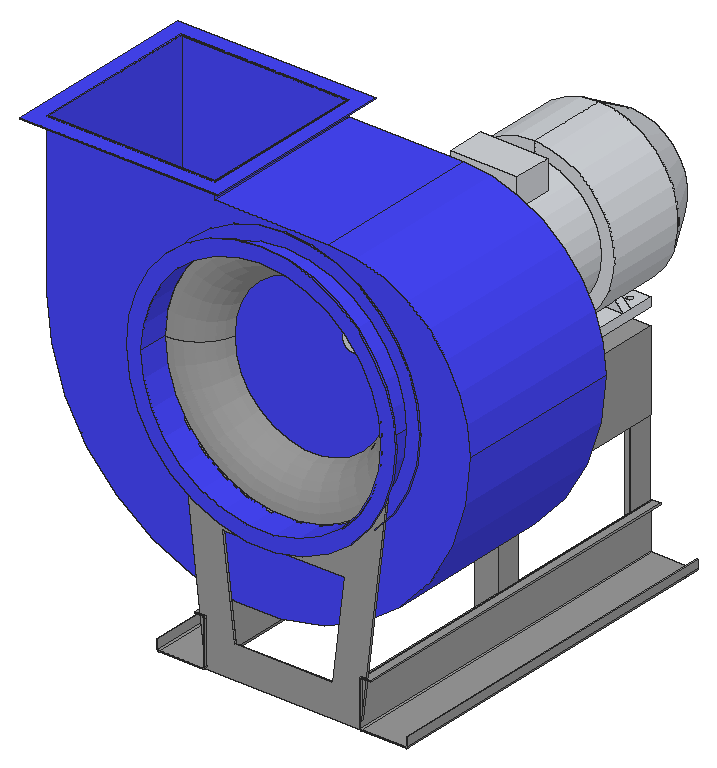
Revit family "ПОСТ-РС", category Оборудование, Revit 2020
Family settings
  Размер круглого соединителя = Использовать диаметр
  Тип детали = Нормальный
  Номер OmniClass = 23.75.00.00
  Заголовок OmniClass = Climate Control (HVAC)
  На основе рабочей плоскости = Нет
  Всегда вертикально = Да
  При загрузке вырезать с полостями = Нет
  Общий = Нет
  Точка расчета площади = Нет
Parameters (values of type "ПОСТ-РС-4,5-*-*-*")
  № изолятора [instance] = size_lookup(Data, "DO_No", 38, D)  # 39
  Отметка по умолчанию = 0 mm
  Виброизоляторы [instance] = no
  УХЛ2 [instance] = Климатическое исполнение : УХЛ2
  УХЛ1 [instance] = Климатическое исполнение : УХЛ1
  У2 [instance] = Климатическое исполнение : У2
  У1 [instance] = Климатическое исполнение : У1
  Полюсов [instance] = size_lookup(Data, "Poles", 0, D, №)  # 2
  Описание = "Радиальный вентилятор низкого давления со спиральным корпусом"  # constant formula
  Материал конфузора = Алюминий, анодированный красный
  Л/П [instance] = if(Правый, 90.00°, 270.00°)  # 90.00°
  Полная мощность [instance] = ADSK_Номинальная мощность / ADSK_Коэффициент мощности  # 12941.2 VA
  Положение_корпуса [instance] = 0.00°
  Правый [instance] = yes
  № [instance] = 10
  Материал рамы = Сталь, окрашенная, синяя
  Материал корпуса = Краска корпуса
  Л [instance] = not(Правый)  # no
  Климатическое исполнение [instance] = Климатическое исполнение : У1
  Классификация нагрузок = Вентиляционное оборудование
  КИ [instance] = if(Климатическое исполнение = У1, 1, if(Климатическое исполнение = УХЛ1, 10, if(Климатическое исполнение = УХЛ2, 20, 2)))  # 1
  Исполнение Б [instance] = not([Исполнения А,В])  # no
  Исполнения А,В [instance] = yes
  Изготовитель = "Аэрдин тел.: +7 (495) 968-24-04 e-mail: info@aerdyn.ru"  # constant formula
  a1_4' = a1 / 4 + 2 mm  # 80.75 mm
  a1_4 = a1 / 4  # 78.75 mm
  Wfr = if(D < 400 mm, 50 mm, if(D < 710 mm, 60 mm, 100 mm))  # 60 mm
  Wf = A1 - a1  # 30 mm
  Oz = 0 mm  # constant formula
  si_2 [instance] = if(D < 450 mm, 60 mm, if(D < 700 mm, 90 mm, if(D > 1000 mm, 150 mm, 120 mm))) / 2  # 45 mm
  d = size_lookup(Data_S, "d", 7 mm, D)  # 7 mm
  a1_2 = a1 / 2  # 157.5 mm
  Зонт = no
  Side [instance] = if(Правый, 0, 1)  # 0
  Re = 0.5 * size_lookup(Data_S, "De", 305 mm, D)  # 252.5 mm
  R1 = 0.5 * size_lookup(Data_S, "D1", 270 mm, D)  # 245 mm
  R = D / 2  # 225 mm
  O1 = R - if(D < 500 mm, 20 mm, if(D < 700 mm, 30 mm, if(D < 900 mm, 40 mm, if(D < 1100 mm, 50 mm, 150 mm))))  # 205 mm
  N = 8
  Motor№ [instance] = size_lookup(Data, "DriveNo", 56, D, №)  # 132
  l [instance] = size_lookup(Data_S, "l", 142 mm, D)  # 215 mm
  Lin [instance] = 142 mm
  L [instance] = size_lookup(Data_S, "Lmax", 455 mm, D, if([Исполнения А,В], 0, 1))  # 679 mm
  Kiz [instance] = size_lookup(Data, "DO_Kol", 4, D)  # 4
  Iz№5-6 [instance] = and(Виброизоляторы, Kiz > 4)  # no
  Htot [instance] = h + hi  # 530 mm
  hi [instance] = if(Виброизоляторы, size_lookup(Data_I, "H", 77 mm, № изолятора), 0 mm)  # 0 mm
  h = size_lookup(Data_S, "h", 305 mm, D)  # 530 mm
  Dx = D + 2 * Wfr  # 570 mm
  Data_I = "DO"  # constant formula
  Data_S = "ПОСТ-РС_s"  # constant formula
  Data_D = "Electric_Drive_Dims"  # constant formula
  Data [instance] = if([Исполнения А,В], "ПОСТ-РС-А", "ПОСТ-РС-Б")  # "ПОСТ-РС-А"
  D = 450 mm
  a2 [instance] = size_lookup(Data_S, "a2", 173 mm, D, if([Исполнения А,В], 0, 1))  # 315 mm
  Rotation [instance] = if(Правый, 1, -1) * if(or(Положение_корпуса = 0.00°, Положение_корпуса = 45.00°, Положение_корпуса = 90.00°, Положение_корпуса = 135.00°, Положение_корпуса = 270.00°, Положение_корпуса = 315.00°), Положение_корпуса, 0.00°)  # 0.00°
  C2 = size_lookup(Data_S, "C1", 315 mm, D)  # 380 mm
  C1 = size_lookup(Data_S, "C1", 260 mm, D)  # 380 mm
  C = size_lookup(Data_S, "C", 86 mm, D)  # 190 mm
  ADSK_Частота вращения двигателя [instance] = size_lookup(Data, "Freq", 0, D, №)  # 3000
  ADSK_Частота вращения вентилятора [instance] = size_lookup(Data, "Freq", 0, D, №)  # 3000
  ADSK_Ток [instance] = ADSK_Номинальная мощность / (ADSK_Коэффициент мощности * ADSK_Напряжение * sqrt(ADSK_Количество фаз числовое))  # 19.6621 A
  ADSK_Свободный напор воздуха [instance] = 0.0 Pa
  ADSK_Расход воздуха [instance] = 0 m³/h
  ADSK_Примечание [instance] = ""
  ADSK_Полная мощность [instance] = ADSK_Номинальная мощность / ADSK_Коэффициент мощности  # 12941.2 VA
  ADSK_Позиция [instance] = ""
  ADSK_Номинальная мощность [instance] = size_lookup(Data, "Pel", 0, D, №) * 1000 W  # 11000 W
  ADSK_Напряжение [instance] = size_lookup(Data, "U", 380, D, №) * 1 V  # 380 V
  ADSK_Наименование краткое [instance] = size_lookup(Data_S, "", "Некорректный типоразмер", D)  # "ПОСТ-РС-4.5"
  ADSK_Наименование [instance] = size_lookup(Data, "", "Некорректный типоразмер", D, №, if(Правый, 0, 1), Положение_корпуса, КИ, 0)  # "ПОСТ-РС-4.5-А-2/11"
  ADSK_Масса [instance] = size_lookup(Data, "Weight", 0, D, №)  # 146
  ADSK_Марка [instance] = size_lookup(Data, "", "Некорректный типоразмер", D, №, if(Правый, 0, 1), Положение_корпуса, КИ, 0)  # "ПОСТ-РС-4.5-А-2/11"
  ADSK_Коэффициент мощности [instance] = if(or(ADSK_Номинальная мощность < 1000 W, ADSK_Номинальная мощность = 1000 W), 0.65, if(and(ADSK_Номинальная мощность > 1000 W, ADSK_Номинальная мощность < 4000 W), 0.75, if(or(ADSK_Номинальная мощность > 4000 W, ADSK_Номинальная мощность = 4000 W), 0.85, 0)))  # 0.85
  ADSK_Количество фаз числовое [instance] = if(ADSK_Напряжение = 220 V, 1, 3)  # 3
  ADSK_Количество фаз = 3
  ADSK_Код изделия = ""
  ADSK_Завод-изготовитель = "Аэрдин"  # constant formula
  ADSK_Единица измерения = "шт."  # constant formula
  A1 = size_lookup(Data_S, "A1", 173 mm, D)  # 345 mm
  A/2 = a1 / 2  # 157.5 mm
  a1 = size_lookup(Data_S, "a1", 173 mm, D)  # 315 mm
Types (16, lengths in mm): name | № изолятора | Виброизоляторы | Полюсов | Полная мощность | № | Исполнение Б | Исполнения А,В | a1_4' | a1_4 | Wfr | Wf | si_2 | d | a1_2 | Re | R1 | R | O1 | Motor№ | l | L | Kiz | Iz№5-6 | Htot | hi | h | Dx | Data | D | a2 | C2 | C1 | C | ADSK_Частота вращения двигателя | ADSK_Частота вращения вентилятора | ADSK_Ток | ADSK_Полная мощность | ADSK_Номинальная мощность | ADSK_Наименование краткое | ADSK_Наименование | ADSK_Масса | ADSK_Марка | ADSK_Коэффициент мощности | A1 | A/2 | a1
  (no name) | 39 | no | 2 | 12941.2 VA | 10 | no | yes | 80.75 | 78.75 | 60 | 30 | 45 | 7 | 157.5 | 252.5 | 245 | 225 | 205 | 132 | 215 | 679 | 4 | no | 530 | 0 | 530 | 570 | "ПОСТ-РС-А" | 450 | 315 | 380 | 380 | 190 | 3000 | 3000 | 19.6621 A | 12941.2 VA | 11000 W | "ПОСТ-РС-4.5" | "ПОСТ-РС-4.5-А-2/11" | 146 | "ПОСТ-РС-4.5-А-2/11" | 0.85 | 345 | 157.5 | 315
  ПОСТ-РС-2,5-*-*-* | 38 | yes | 2 | 846.154 VA | 10 | no | yes | 45.75 | 43.75 | 50 | 15 | 30 | 7 | 87.5 | 155 | 140 | 125 | 105 | 56 | 142 | 455 | 4 | no | 382 | 77 | 305 | 350 | "ПОСТ-РС-А" | 250 | 175 | 260 | 260 | 86 | 3000 | 3000 | 1.2856 A | 846.154 VA | 550 W | "ПОСТ-РС-2.5" | "Некорректный типоразмер" | 26.7 | "Некорректный типоразмер" | 0.65 | 190 | 87.5 | 175
  ПОСТ-РС-2,8-*-*-* | 38 | yes | 2 | 1466.67 VA | 10 | no | yes | 50.75 | 48.75 | 50 | 17 | 30 | 7 | 97.5 | 170 | 155 | 140 | 120 | 71 | 154 | 525 | 4 | no | 437 | 77 | 360 | 380 | "ПОСТ-РС-А" | 280 | 195 | 260 | 260 | 96 | 3000 | 3000 | 2.22837 A | 1466.67 VA | 1100 W | "ПОСТ-РС-2.8" | "ПОСТ-РС-2.8-А-2/1.1" | 37 | "ПОСТ-РС-2.8-А-2/1.1" | 0.75 | 212 | 97.5 | 195
  ПОСТ-РС-3,15-*-*-* | 38 | yes | 2 | 2933.33 VA | 6 | yes | no | 55.75 | 53.75 | 50 | 15 | 30 | 7 | 107.5 | 187.5 | 172.5 | 157.5 | 137.5 | 80 | 167 | 657 | 4 | no | 457 | 77 | 380 | 415 | "ПОСТ-РС-Б" | 315 | 315 | 260 | 260 | 148 | 3000 | 3000 | 4.45674 A | 2933.33 VA | 2200 W | "ПОСТ-РС-3.15" | "ПОСТ-РС-3.15-Б-2/2.2" | 38 | "ПОСТ-РС-3.15-Б-2/2.2" | 0.75 | 230 | 107.5 | 215
  ПОСТ-РС-3,55-*-*-* | 38 | yes | 2 | 4705.88 VA | 10 | no | yes | 64.25 | 62.25 | 50 | 15 | 30 | 7 | 124.5 | 205 | 192.5 | 177.5 | 157.5 | 100 | 180 | 665 | 4 | no | 507 | 77 | 430 | 455 | "ПОСТ-РС-А" | 355 | 249 | 340 | 340 | 155 | 3000 | 3000 | 7.14985 A | 4705.88 VA | 4000 W | "ПОСТ-РС-3.55" | "ПОСТ-РС-3.55-В-2/4" | 65 | "ПОСТ-РС-3.55-В-2/4" | 0.85 | 264 | 124.5 | 249
  ПОСТ-РС-4,0-*-*-* | 38 | yes | 2 | 6470.59 VA | 10 | no | yes | 72 | 70 | 60 | 30 | 30 | 7 | 140 | 227.5 | 220 | 200 | 180 | 100 | 195 | 700 | 4 | no | 547 | 77 | 470 | 520 | "ПОСТ-РС-А" | 400 | 280 | 350 | 350 | 165 | 3000 | 3000 | 9.83104 A | 6470.59 VA | 5500 W | "ПОСТ-РС-4" | "ПОСТ-РС-4-В-2/5.5" | 91 | "ПОСТ-РС-4-В-2/5.5" | 0.85 | 310 | 140 | 280
  ПОСТ-РС-4,5-*-*-* | 39 | no | 2 | 12941.2 VA | 10 | no | yes | 80.75 | 78.75 | 60 | 30 | 45 | 7 | 157.5 | 252.5 | 245 | 225 | 205 | 132 | 215 | 679 | 4 | no | 530 | 0 | 530 | 570 | "ПОСТ-РС-А" | 450 | 315 | 380 | 380 | 190 | 3000 | 3000 | 19.6621 A | 12941.2 VA | 11000 W | "ПОСТ-РС-4.5" | "ПОСТ-РС-4.5-А-2/11" | 146 | "ПОСТ-РС-4.5-А-2/11" | 0.85 | 345 | 157.5 | 315
  ПОСТ-РС-5,0-*-*-* | 39 | yes | 4 | 2933.33 VA | 10 | no | yes | 89 | 87 | 60 | 32 | 45 | 7 | 174 | 277.5 | 270 | 250 | 220 | 90 | 230 | 800 | 4 | no | 672.5 | 97.5 | 575 | 620 | "ПОСТ-РС-А" | 500 | 348 | 410 | 410 | 211 | 1500 | 1500 | 4.45674 A | 2933.33 VA | 2200 W | "ПОСТ-РС-5" | "ПОСТ-РС-5-В-4/2.2" | 116 | "ПОСТ-РС-5-В-4/2.2" | 0.75 | 380 | 174 | 348
  ПОСТ-РС-5,6-*-*-* | 40 | yes | 4 | 4705.88 VA | 10 | no | yes | 99.5 | 97.5 | 60 | 40 | 45 | 7 | 195 | 307.5 | 300 | 280 | 250 | 100 | 255 | 805 | 4 | no | 763 | 123 | 640 | 680 | "ПОСТ-РС-А" | 560 | 390 | 460 | 460 | 230 | 1500 | 1500 | 7.14985 A | 4705.88 VA | 4000 W | "ПОСТ-РС-5.6" | "ПОСТ-РС-5.6-В-4/4" | 148 | "ПОСТ-РС-5.6-В-4/4" | 0.85 | 430 | 195 | 390
  ПОСТ-РС-6,3-*-*-* | 40 | yes | 4 | 8823.53 VA | 10 | no | yes | 112 | 110 | 60 | 40 | 45 | 7 | 220 | 342.5 | 335 | 315 | 285 | 132 | 295 | 920 | 4 | no | 843 | 123 | 720 | 750 | "ПОСТ-РС-А" | 630 | 440 | 520 | 520 | 247 | 1500 | 1500 | 13.406 A | 8823.53 VA | 7500 W | "ПОСТ-РС-6.3" | "ПОСТ-РС-6.3-В-4/7.5" | 32 | "ПОСТ-РС-6.3-В-4/7.5" | 0.85 | 480 | 220 | 440
  ПОСТ-РС-7,1-*-*-* | 41 | yes | 6 | 4705.88 VA | 10 | no | yes | 125.75 | 123.75 | 100 | 35 | 60 | 7 | 247.5 | 382.5 | 375 | 355 | 315 | 112 | 329 | 1155 | 4 | no | 944 | 139 | 805 | 910 | "ПОСТ-РС-А" | 710 | 495 | 590 | 590 | 280 | 1000 | 1000 | 7.14985 A | 4705.88 VA | 4000 W | "ПОСТ-РС-7.1" | "ПОСТ-РС-7.1-В-6/4" | 259 | "ПОСТ-РС-7.1-В-6/4" | 0.85 | 530 | 247.5 | 495
  ПОСТ-РС-8,0-*-*-* | 42 | yes | 6 | 8823.53 VA | 10 | no | yes | 142 | 140 | 100 | 40 | 60 | 10 | 280 | 427.5 | 420 | 400 | 360 | 132 | 370 | 1318 | 4 | no | 1085 | 180 | 905 | 1000 | "ПОСТ-РС-А" | 800 | 560 | 660 | 660 | 316 | 1000 | 1000 | 13.406 A | 8823.53 VA | 7500 W | "ПОСТ-РС-8" | "ПОСТ-РС-8-А-6/7.5" | 382 | "ПОСТ-РС-8-А-6/7.5" | 0.85 | 600 | 280 | 560
  ПОСТ-РС-9,0-*-*-* | 42 | yes | 6 | 12941.2 VA | 10 | no | yes | 159.5 | 157.5 | 100 | 40 | 60 | 10 | 315 | 485 | 475 | 450 | 400 | 160 | 400 | 1415 | 4 | no | 1195 | 180 | 1015 | 1100 | "ПОСТ-РС-А" | 900 | 630 | 720 | 720 | 340 | 1000 | 1000 | 19.6621 A | 12941.2 VA | 11000 W | "ПОСТ-РС-9" | "ПОСТ-РС-9-В-6/11" | 532 | "ПОСТ-РС-9-В-6/11" | 0.85 | 670 | 315 | 630
  ПОСТ-РС-10,0-*-*-* | 42 | yes | 6 | 21764.7 VA | 10 | no | yes | 177 | 175 | 100 | 50 | 60 | 12 | 350 | 535 | 525 | 500 | 450 | 180 | 430 | 1505 | 4 | no | 1310 | 180 | 1130 | 1200 | "ПОСТ-РС-А" | 1000 | 700 | 840 | 840 | 360 | 1000 | 1000 | 33.068 A | 21764.7 VA | 18500 W | "ПОСТ-РС-10" | "ПОСТ-РС-10-В-6/18.5" | 654 | "ПОСТ-РС-10-В-6/18.5" | 0.85 | 750 | 350 | 700
  ПОСТ-РС-11,2-*-*-* | 42 | yes | 6 | 43529.4 VA | 10 | no | yes | 198 | 196 | 100 | 46 | 75 | 12 | 392 | 595 | 585 | 560 | 410 | 225 | 520 | 1735 | 6 | yes | 1415 | 180 | 1235 | 1320 | "ПОСТ-РС-А" | 1120 | 784 | 1164 | 1164 | 420 | 1000 | 1000 | 66.1361 A | 43529.4 VA | 37000 W | "ПОСТ-РС-11.2" | "ПОСТ-РС-11.2-В-6/37" | 1019 | "ПОСТ-РС-11.2-В-6/37" | 0.85 | 830 | 392 | 784
  ПОСТ-РС-12,5-*-*-* | 42 | yes | 6 | 52941.2 VA | 10 | no | yes | 221 | 219 | 100 | 54 | 75 | 12 | 438 | 660 | 650 | 625 | 475 | 250 | 545 | 1930 | 6 | yes | 1560 | 180 | 1380 | 1450 | "ПОСТ-РС-А" | 1250 | 876 | 1260 | 1260 | 467 | 1000 | 1000 | 80.4358 A | 52941.2 VA | 45000 W | "ПОСТ-РС-12.5" | "ПОСТ-РС-12.5-В-6/45" | 1357 | "ПОСТ-РС-12.5-В-6/45" | 0.85 | 930 | 438 | 876
Reference planes
  plane 1 "По центру (Вперед/Назад)": y = 0
  plane 2: z = 0
  plane 3 "По центру (Влево/Вправо)": x = 0
  plane 4 "h": z = 530
  plane 5 "L": y = 464
  plane 6 "L1": y = -215
  plane 7 "a2_front": y = -157.5
  plane 8 "hi": z = 0
  plane 9 "Опора_Л": x = -190
  plane 10 "Опора_П": x = 190
  plane 11 "a2_rear": y = 157.5
  plane 12: z = 755
  plane 13: z = 530
  plane 14: z = 782.5
  plane 15: z = 417.5
  plane 16: z = 305
  plane 17: z = 530
Forms (mm)
  Extrusion 1, solid
    sketch origin (0, 0, 0) x (1, 0, 0) y (0, 0, 1)
      loop
        circle (0, 530) r 19
    from -167 to 0
  Sweep 2, solid, material "Сталь, окрашенная, синяя" <- "Материал рамы"
    path origin (0, 0, 0) x (-1, 0, 0) y (0, -1, 0)
      loop
        line (145, 165) -> (145, -514)
    profile "Рама : Рама" origin (-145, 174.5, 0) x (-1, 0, 0) y (0, 0, 1)
      loop
        line (90, 4) -> (90, 20) -> (88, 20) -> (88, 4)
        arc (88, 4) -> (87.414, 2.586) -> (86, 2) r 2
        line (86, 2) -> (4, 2)
        arc (4, 2) -> (2.586, 2.586) -> (2, 4) r 2
        line (2, 4) -> (2, 86)
        arc (2, 86) -> (2.586, 87.414) -> (4, 88) r 2
        line (4, 88) -> (20, 88) -> (20, 90) -> (4, 90)
        arc (4, 90) -> (1.172, 88.828) -> (0, 86) r 4
        line (0, 86) -> (0, 4)
        arc (0, 4) -> (1.172, 1.172) -> (4, 0) r 4
        line (4, 0) -> (86, 0)
        arc (86, 0) -> (88.828, 1.172) -> (90, 4) r 4
  Sweep 3, solid, material "Сталь, окрашенная, синяя" <- "Материал рамы"
    path origin (0, 0, 0) x (-1, 0, 0) y (0, -1, 0)
      loop
        line (-145, 165) -> (-145, -514)
    profile "Рама : Рама" origin (145, 174.5, 0) x (-1, 0, 0) y (0, 0, 1)
      loop
        arc (-90, 4) -> (-88.828, 1.172) -> (-86, 0) r 4
        line (-86, 0) -> (-4, 0)
        arc (-4, 0) -> (-1.172, 1.172) -> (0, 4) r 4
        line (0, 4) -> (0, 86)
        arc (0, 86) -> (-1.172, 88.828) -> (-4, 90) r 4
        line (-4, 90) -> (-20, 90) -> (-20, 88) -> (-4, 88)
        arc (-4, 88) -> (-2.586, 87.414) -> (-2, 86) r 2
        line (-2, 86) -> (-2, 4)
        arc (-2, 4) -> (-2.586, 2.586) -> (-4, 2) r 2
        line (-4, 2) -> (-86, 2)
        arc (-86, 2) -> (-87.414, 2.586) -> (-88, 4) r 2
        line (-88, 4) -> (-88, 20) -> (-90, 20) -> (-90, 4)
  Sweep 4, solid, material "Сталь, окрашенная, синяя" <- "Материал рамы"
    path origin (0, 157.5, 0) x (-1, 0, 0) y (0, 0, 1)
      loop
        line (0, 0) -> (0, 735)
    profile origin (0, 157.5, 367.5) x (-1, 0, 0) y (0, -1, 0)
      loop
        line (145, -47) -> (145, -2) -> (100, -2) -> (100, -4) -> (143, -4) -> (143, -47) -> (145, -47)
      loop
        line (-145, -47) -> (-143, -47) -> (-143, -4) -> (-100, -4) -> (-100, -2) -> (-145, -2) -> (-145, -47)
  Sweep 5, solid, material "Сталь, окрашенная, синяя" <- "Материал рамы"
    path origin (0, 157.5, 0) x (-1, 0, 0) y (0, 0, 1)
      loop
        line (0, 0) -> (0, 380)
    profile origin (0, 157.5, 190) x (-1, 0, 0) y (0, -1, 0)
      loop
        line (145, -356.5) -> (145, -311.5) -> (143, -311.5) -> (143, -354.5) -> (100, -354.5) -> (100, -356.5) -> (145, -356.5)
      loop
        line (-145, -356.5) -> (-100, -356.5) -> (-100, -354.5) -> (-143, -354.5) -> (-143, -311.5) -> (-145, -311.5) -> (-145, -356.5)
  Extrusion 6, solid, material "Сталь, окрашенная, синяя" <- "Материал рамы"
    sketch origin (0, 157.5, 0) x (-1, 0, 0) y (0, 0, -1)
      loop
        line (145, -380) -> (-145, -380) -> (-145, -232) -> (-147, -232) -> (-147, -382) -> (147, -382) -> (147, -232) -> (145, -232) -> (145, -380)
    from 0 to -356.5
  Sweep 7, solid, material "Сталь, окрашенная, синяя" <- "Материал рамы", visible <- "Iz№5-6"
    path origin (0, 0, 0) x (-1, 0, 0) y (0, -1, 0)
      loop
        line (-143, -512) -> (143, -512)
    profile "Рама : Рама" origin (0, 512, 0) x (0, -1, 0) y (0, 0, 1)
      loop
        line (90, 4) -> (90, 20) -> (88, 20) -> (88, 4)
        arc (88, 4) -> (87.414, 2.586) -> (86, 2) r 2
        line (86, 2) -> (4, 2)
        arc (4, 2) -> (2.586, 2.586) -> (2, 4) r 2
        line (2, 4) -> (2, 86)
        arc (2, 86) -> (2.586, 87.414) -> (4, 88) r 2
        line (4, 88) -> (20, 88) -> (20, 90) -> (4, 90)
        arc (4, 90) -> (1.172, 88.828) -> (0, 86) r 4
        line (0, 86) -> (0, 4)
        arc (0, 4) -> (1.172, 1.172) -> (4, 0) r 4
        line (4, 0) -> (86, 0)
        arc (86, 0) -> (88.828, 1.172) -> (90, 4) r 4
  Extrusion 8, solid, material "Сталь, окрашенная, синяя" <- "Материал рамы"
    sketch origin (143, 512, 0) x (0, 0, 1) y (-1, 0, 0)
      loop
        line (380, 243) -> (190, 243) -> (232, 176.333) -> (232, 109.667) -> (190, 43) -> (380, 43) -> (380, 243)
    from 0 to -2
  Sweep 9, solid, material "Краска корпуса" <- "Материал корпуса"
    path origin (0, 0, 0) x (1, 0, 0) y (0, 1, 0)
      loop
        line (0, -157.5) -> (0, 157.5)
    profile "СТУД-РСН Корпус (профиль) : СТУД-РСН Корпус (профиль)" origin (0, 0, 0) x (-1, 0, 0) y (0, 0, 1)
      loop
        line (448, 820) -> (133, 820) -> (133, 790) -> (-81.5, 790)
        arc (-81.5, 790) -> (-269.237, 712.237) -> (-347, 524.5) r 265.5
        arc (-347, 524.5) -> (50.5, 127) -> (448, 524.5) r 397.5
        line (448, 524.5) -> (448, 820)
  Sweep 10, void
    path origin (0, 0, 0) x (1, 0, 0) y (0, 1, 0)
      loop
        line (0, -155.5) -> (0, 155.5)
    profile "СТУД-РСН Полость : СТУД-РСН Полость" origin (0, 0, 0) x (-1, 0, 0) y (0, 0, 1)
      loop
        line (446, 820) -> (135, 820) -> (135, 786) -> (-83.5, 786)
        arc (-83.5, 786) -> (-268.408, 709.408) -> (-345, 524.5) r 261.5
        arc (-345, 524.5) -> (50.5, 129) -> (446, 524.5) r 395.5
        line (446, 524.5) -> (446, 820)
  Extrusion 11, void
    sketch origin (0, -157.5, 0) x (-1, 0, 0) y (0, 0, 1)
      loop
        circle (0, 530) r 225
    from 0 to 2
  Sweep 12, solid, material "Алюминий, анодированный красный" <- "Материал конфузора"
    path in 3D
      loop
        arc (-225, -157.5, 530) -> (0, -157.5, 305) -> (225, -157.5, 530) r 225
        arc (225, -157.5, 530) -> (0, -157.5, 755) -> (-225, -157.5, 530) r 225
    profile origin (0, -157.5, 755) x (0, 0, -1) y (0, -1, 0)
      loop
        arc (0, 0) -> (49.409, -17.429) -> (76.948, -62) r 78.75
        line (76.948, -62) -> (78.994, -62)
        arc (78.994, -62) -> (50.833, -16.008) -> (0, 2) r 80.75
        line (0, 2) -> (0, 0)
  Sweep 13, solid, material "Краска корпуса" <- "Материал корпуса"
    path in 3D
      loop
        arc (-225, -157.5, 530) -> (0, -157.5, 305) -> (225, -157.5, 530) r 225
        arc (225, -157.5, 530) -> (0, -157.5, 755) -> (-225, -157.5, 530) r 225
    profile origin (0, -157.5, 755) x (0, 0, -1) y (0, -1, 0)
      loop
        line (0, 0) -> (0, 57.5) -> (-27.5, 57.5) -> (-27.5, 55.5) -> (-2, 55.5) -> (-2, 2) -> (-27.5, 2) -> (-27.5, 0) -> (0, 0)
  Extrusion 14, solid, material "Сталь, окрашенная, синяя" <- "Материал рамы"
    sketch origin (0, -157.5, 0) x (-1, 0, 0) y (0, 0, 1)
      loop
        arc (194.856, 417.5) -> (0, 305) -> (-194.856, 417.5) r 225
        line (-194.856, 417.5) -> (-145, 0) -> (145, 0) -> (194.856, 417.5)
      loop
        line (-91.739, 60) -> (91.739, 60) -> (113.83, 245) -> (-113.83, 245) -> (-91.739, 60)
    from -2 to -5
  Sweep 15, solid, material "Краска корпуса" <- "Материал корпуса"
    path origin (-133, -157.5, 820) x (0, 1, 0) y (-1, 0, 0)
      loop
        line (2, 2) -> (313, 2) -> (313, 313) -> (2, 313) -> (2, 2)
    profile "Фланец : Фланец" origin (-290.5, -155.5, 820) x (0, -1, 0) y (0, 0, 1)
      loop
        line (0, 0) -> (0, -2) -> (30, -2) -> (30, 0) -> (0, 0)
Cuts and joins
  joined: Sweep 5, Extrusion 8
  Sweep 10 cuts Sweep 2
  Sweep 10 cuts Sweep 3
  Sweep 10, Extrusion 11 cuts Sweep 9
Lines and regions (mm)
  reference lines
    curve 1: line (0, 0, 530) -> (0, -215, 530)
    curve 2: line (0, 0, 727) -> (0, 50, 727)
  sketch lines
    curve 3: arc (225, -157.5, 530) -> (0, -157.5, 755) -> (-225, -157.5, 530) r 225
    curve 4: arc (-225, -157.5, 530) -> (0, -157.5, 305) -> (225, -157.5, 530) r 225
    curve 5: arc (225, -157.5, 530) -> (0, -157.5, 755) -> (-225, -157.5, 530) r 225
    curve 6: arc (-225, -157.5, 530) -> (0, -157.5, 305) -> (225, -157.5, 530) r 225
Dimensions and locks
  "Htot": plane 4 "h" to level
  equal spacing: plane 9 "Опора_Л", plane 3 "По центру (Влево/Вправо)", plane 10 "Опора_П"
  "C1": plane 9 "Опора_Л" to plane 10 "Опора_П"
  "hi": plane 8 "hi" to level
  locked: Sweep 2 sketch curve to plane 6 "L1" at 50
  "L": Sweep 2 sketch curve to Sweep 2 sketch curve
  "L": Sweep 3 sketch curve to Sweep 3 sketch curve
  locked: Sweep 3 sketch curve to plane 6 "L1" at 50
  "si_2": Sweep 3 sketch curve to plane 10 "Опора_П"
  "a2": plane 7 "a2_front" to plane 11 "a2_rear"
  locked: plane 11 "a2_rear" to nested 1 at 9.5
  "l": curve 1 to plane 1 "По центру (Вперед/Назад)"
  "O1": Sweep 4 sketch curve to plane 4 "h"
  "si_2": Sweep 4 sketch curve to Sweep 4 sketch curve  (x4)
  locked: Sweep 4 sketch curve to Sweep 4 sketch curve at 2  (x4)
  equal spacing: Sweep 4 sketch curve, profile plane, Sweep 4 sketch curve
  "si_2": plane 9 "Опора_Л" to Sweep 2 sketch curve
  "si_2": Sweep 4 sketch curve to plane 10 "Опора_П"
  locked: Sweep 5 sketch curve to Sweep 5 sketch curve at 2  (x4)
  "si_2": Sweep 5 sketch curve to Sweep 5 sketch curve  (x4)
  equal spacing: Sweep 5 sketch curve, plane 3 "По центру (Влево/Вправо)", Sweep 5 sketch curve
  "si_2": plane 9 "Опора_Л" to Sweep 5 sketch curve
  locked: Extrusion 6 sketch curve to Extrusion 6 sketch curve at 2  (x3)
  locked: Extrusion 6 sketch curve to Extrusion 6 sketch curve at 150
  equal spacing: Sweep 7 sketch curve, plane 3 "По центру (Влево/Вправо)", Sweep 7 sketch curve
  equal spacing: Extrusion 6 sketch curve, plane 3 "По центру (Влево/Вправо)", Extrusion 6 sketch curve
  "si_2": plane 9 "Опора_Л" to Extrusion 6 sketch curve
  locked: profile plane to Sweep 4 sketch curve at 2  (x2)
  "l": plane 6 "L1" to plane 1 "По центру (Вперед/Назад)"
  "L": plane 6 "L1" to plane 5 "L"
  equal spacing: plane 8 "hi", Extrusion 8 sketch curve, Extrusion 8 sketch curve  (x2)
  equal spacing: Sweep 4, Extrusion 8 sketch curve, Extrusion 8 sketch curve, Sweep 4
  "a2": Sweep 9 sketch curve to Sweep 9 sketch curve
  locked: Sweep 9 to Sweep 10 sketch curve at 2
  locked: Sweep 10 sketch curve to Sweep 9 at 2
  "a1_4": profile plane to Sweep 12 sketch curve  (x2)
  "l": Sweep 13 sketch curve to plane 1 "По центру (Вперед/Назад)"
  Sweep 13 sketch curve to Sweep 13 sketch curve = 2 mm
  "Htot": plane 13 to level
  "R": plane 12 to plane 13
  "Re": plane 14 to plane 13
  locked: Sweep 13 sketch curve to profile plane at 2  (x2)
  "a1_2": plane 7 "a2_front" to plane 1 "По центру (Вперед/Назад)"
  "a1_2": Sweep 9 sketch curve to plane 1 "По центру (Вперед/Назад)"
  "Wfr": Extrusion 14 sketch curve to Extrusion 14 sketch curve  (x3)
  equal spacing: plane 17, plane 15, plane 16
  "h": plane 17 to plane 8 "hi"
  "R": plane 17 to plane 16
  "Wfr": plane 16 to Extrusion 14 sketch curve
  "D": diameter of Extrusion 11 sketch curve
  "a1_4": radius of Sweep 12 sketch curve
  "a1_4'": radius of Sweep 12 sketch curve
  "R": radius of Extrusion 14 sketch curve
  aligned and locked: level to plane 2
  aligned and locked: plane 4 "h" to nested 1
  aligned and locked: Extrusion 1 sketch curve to nested 1
  aligned and locked: plane 1 "По центру (Вперед/Назад)" to Extrusion 1
  aligned and locked: Extrusion 1 to nested 1
  aligned and locked: plane 1 "По центру (Вперед/Назад)" to curve 1
  aligned and locked: curve 1 to plane 3 "По центру (Влево/Вправо)"
  aligned and locked: plane 8 "hi" to Sweep 4 sketch curve
  aligned and locked: plane 3 "По центру (Влево/Вправо)" to Sweep 4 sketch curve
  aligned and locked: plane 8 "hi" to Sweep 5 sketch curve
  aligned and locked: plane 3 "По центру (Влево/Вправо)" to Sweep 5 sketch curve
  aligned and locked: Sweep 5 sketch curve to Sweep 5 sketch curve
  aligned and locked: Sweep 5 sketch curve to Sweep 2
  aligned and locked: nested 1 to Sweep 5 sketch curve
  aligned and locked: Extrusion 6 sketch curve to Extrusion 6 sketch curve
  aligned and locked: Extrusion 6 to Sweep 2
  aligned and locked: nested 1 to Extrusion 6 sketch curve
  aligned and locked: Sweep 5 to Sweep 7 sketch curve
  aligned and locked: Sweep 7 sketch curve to Sweep 5
  aligned and locked: Extrusion 6 to Extrusion 8 sketch curve
  aligned and locked: Extrusion 8 sketch curve to Sweep 4
  aligned and locked: plane 3 "По центру (Влево/Вправо)" to Extrusion 11 sketch curve
  aligned and locked: plane 4 "h" to Extrusion 11 sketch curve
  aligned and locked: profile plane to Sweep 12 sketch curve  (x2)
  aligned and locked: Sweep 12 sketch curve to profile plane
  aligned and locked: profile plane to Sweep 13 sketch curve  (x2)
  aligned and locked: Sweep 13 sketch curve to plane 14  (x2)
  aligned and locked: Extrusion 14 sketch curve to plane 8 "hi"
  aligned and locked: Extrusion 14 sketch curve to Sweep 4  (x2)
  aligned and locked: plane 17 to Extrusion 14 sketch curve
  aligned and locked: plane 3 "По центру (Влево/Вправо)" to Extrusion 14 sketch curve
  aligned and locked: cut or joined group of Sweep 9, Sweep 10, Extrusion 11 to Sweep 15 sketch curve
  aligned and locked: Sweep 15 sketch curve to cut or joined group of Sweep 9, Sweep 10, Extrusion 11  (x3)
Automatic sketch dimensions
  plane 1 "По центру (Вперед/Назад)" to curve 2 = 0 mm
  curve 2 to plane 3 "По центру (Влево/Вправо)" = 0 mm
  curve 2 to plane 1 "По центру (Вперед/Назад)" = 50 mm
  Sweep 5 to Extrusion 8 sketch curve = 0 mm
  Extrusion 8 sketch curve to Sweep 5 = 0 mm
  Sweep 9 sketch curve to plane 3 "По центру (Влево/Вправо)" = 0 mm
  Sweep 10 sketch curve to plane 3 "По центру (Влево/Вправо)" = 0 mm
  Sweep 12 sketch curve to profile plane = 62 mm
  Extrusion 14 sketch curve to plane 15 = 0 mm  (x2)
Nested families
  nested 1: "Электродвигатель" at (0, 167, 398), No <- "Motor№", Poles <- "Полюсов", type "Электродвигатель"
    with Тип "132M", r30 130 mm, l33 568 mm, l31 89 mm, l30 483 mm, l21 14 mm, l20 5 mm, l2 80 mm, l11 222 mm, l10' 22 mm, l10 178 mm, l1 80 mm, h6 41 mm, h5 41 mm, h31 295 mm, h2 8 mm, h10 16 mm, h1 8 mm, h 132 mm, d30 252 mm, d25 250 mm, d24 350 mm, d22 19 mm, d20 300 mm, d2 38 mm, d10 12 mm, d1 38 mm, b2 10 mm, b11 260 mm, b10 216 mm, b1 10 mm, Poles 2, No 132
Connectors
  electrical at (0, 341.917, 693), driven by "ADSK_Напряжение", driven by "ADSK_Коэффициент мощности", driven by "ADSK_Количество фаз", driven by "ADSK_Полная мощность"
    settings: on nested 1, index 4, voltage 380 V, apparent load 12941.2 VA, apparent load phase1 0 VA, apparent load phase2 0 VA, apparent load phase3 0 VA, power factor 0.85, load classification "Прочее", number of poles 3, system type 30, power factor state 0, is connector primary yes, connector utility no, sub classification motor no, connector description "Подключение электрика"
  hvac at (0, -215, 530), driven by "D", driven by "ADSK_Расход воздуха"
    settings: on Sweep 13, index 5, duct flow 0 m³/h, flow factor 0, pres drop 0.0 Pa, loss coef 0, conn angle 0.00°, conn width 304.8 mm, conn height 304.8 mm, conn diameter 450 mm, duct sys type 29, conn prof type 0, flow config 0, flow direction 1, loss method 4, conn ref index 6, conn util no, is conn primary yes, conn desc "Подключение вход"
  hvac at (-290.5, 0, 820), driven by "a1", driven by "a2", driven by "ADSK_Расход воздуха"
    settings: on cut or joined group of Sweep 9, Sweep 10, Extrusion 11, index 6, duct flow 0 m³/h, flow factor 0, pres drop 0.0 Pa, loss coef 0, conn angle 0.00°, conn width 315 mm, conn height 315 mm, conn diameter 609.6 mm, duct sys type 29, conn prof type 1, flow config 0, flow direction 2, loss method 4, conn ref index 5, conn util no, is conn primary no, conn desc "Подключение выход"
Definition of nested family "Электродвигатель"
  Parameters (values of type "Электродвигатель")
    Тип [instance] = size_lookup(Data, "", "50", No, Poles)  # "50"
    Default Elevation = 0 mm
    r30 [instance] = h - 2 mm  # 48 mm
    l33 [instance] = size_lookup(Data, "l33", 0 mm, No, Poles)  # 0 mm
    l31 [instance] = size_lookup(Data, "l31", 32 mm, No, Poles)  # 32 mm
    l30 [instance] = size_lookup(Data, "l30", 178 mm, No, Poles)  # 178 mm
    l21 [instance] = size_lookup(Data, "l21", 8 mm, No, Poles)  # 8 mm
    l20 [instance] = size_lookup(Data, "l20", 3 mm, No, Poles)  # 3 mm
    l2 [instance] = size_lookup(Data, "l2", 23 mm, No, Poles)  # 23 mm
    l11 [instance] = size_lookup(Data, "l11", 76 mm, No, Poles)  # 76 mm
    l10' [instance] = (l11 - l10) / 2  # 6.5 mm
    l10 [instance] = size_lookup(Data, "l10", 63 mm, No, Poles)  # 63 mm
    l1 [instance] = size_lookup(Data, "l1", 20 mm, No, Poles)  # 20 mm
    h6 [instance] = size_lookup(Data, "h6", 12.5 mm, No, Poles)  # 12.5 mm
    h5 [instance] = size_lookup(Data, "h5", 10.2 mm, No, Poles)  # 10.2 mm
    h31 [instance] = size_lookup(Data, "h31", 130 mm, No, Poles)  # 130 mm
    h2 [instance] = size_lookup(Data, "h2", 4 mm, No, Poles)  # 4 mm
    h10 [instance] = size_lookup(Data, "h10", 6 mm, No, Poles)  # 6 mm
    h1 [instance] = size_lookup(Data, "h1", 3 mm, No, Poles)  # 3 mm
    h [instance] = size_lookup(Data, "h", 50 mm, No, Poles)  # 50 mm
    d30 [instance] = size_lookup(Data, "d30", 107 mm, No, Poles)  # 107 mm
    d25 [instance] = size_lookup(Data, "d25", 80 mm, No, Poles)  # 80 mm
    d24 [instance] = size_lookup(Data, "d24", 120 mm, No, Poles)  # 120 mm
    d22 [instance] = size_lookup(Data, "d22", 7 mm, No, Poles)  # 7 mm
    d20 [instance] = size_lookup(Data, "d20", 100 mm, No, Poles)  # 100 mm
    d2 [instance] = size_lookup(Data, "d2", 11 mm, No, Poles)  # 11 mm
    d10 [instance] = size_lookup(Data, "d10", 5.8 mm, No, Poles)  # 5.8 mm
    d1 [instance] = size_lookup(Data, "d1", 9 mm, No, Poles)  # 9 mm
    b2 [instance] = size_lookup(Data, "b2", 4 mm, No, Poles)  # 4 mm
    b11 [instance] = size_lookup(Data, "b11", 100 mm, No, Poles)  # 100 mm
    b10 [instance] = size_lookup(Data, "b10", 80 mm, No, Poles)  # 80 mm
    b1 [instance] = size_lookup(Data, "b1", 3 mm, No, Poles)  # 3 mm
    Poles [instance] = 4
    No [instance] = 2
    Data = "Electric_Drive_Dims"
    111 = 30.00°
  Reference planes
    plane 1 "По центру (Вперед/Назад)": y = 0
    plane 2: z = 0
    plane 3 "По центру (Влево/Вправо)": x = 0
    plane 4 "l1": y = 20
    plane 5 "h31": z = 130
    plane 6 "l31": y = 52
    plane 7 "l10": y = 115
    plane 8 "l30": y = 178
    plane 9 "h": z = 50
    plane 10 "l33": y = 0
    plane 11 "h10": z = 6
    plane 12: z = 54.5
    plane 13: z = 45.5
    plane 14 "h1": z = 55.7
    plane 15: y = 15
    plane 16: y = 10
    plane 17: y = 5
    plane 18 "b10l": x = -40
    plane 19 "b11l": x = -50
    plane 20 "b10r": x = 40
    plane 21 "b11r": x = 50
    plane 22: x = 30
    plane 23: z = 52.7
    plane 24: x = -30
    plane 25 "l11(1)": y = 45.5
    plane 26 "l11(2)": y = 121.5
    plane 27: z = 4
    plane 28: z = 2
    plane 29: x = -45
    plane 30: x = -35
    plane 31: x = 35
    plane 32: x = 45
    plane 33: y = 46.667
    plane 34: y = 41.333
    plane 35: y = 36
    plane 36: y = 30.667
    plane 37: y = 25.333
    plane 38: z = 90
    plane 39: z = 10
    plane 40: y = 64.5
    plane 41: y = 83.5
    plane 42: y = 102.5
    plane 43: y = 61.5
    plane 44: y = 67.5
    plane 45: y = 99.5
    plane 46: y = 105.5
    plane 47: x = -20
    plane 48: x = 20
    plane 49: x = -40
    plane 50: x = 40
    plane 51: y = 128
    plane 52: y = 78
    plane 53: y = 153
    plane 54: y = 103
    plane 55: z = 100
    plane 56: z = 0
  Forms (mm)
    Extrusion 1, solid
      sketch origin (0, 0, 0) x (1, 0, 0) y (0, 0, 1)
        loop
          circle (0, 50) r 4.5
      from -20 to 0
    Extrusion 2, void
      sketch origin (0, 0, 0) x (1, 0, 0) y (0, 0, 1)
        loop
          line (-1.5, 52.7) -> (1.5, 52.7) -> (1.5, 55.7) -> (-1.5, 55.7) -> (-1.5, 52.7)
      from 0 to -15
    Extrusion 3, solid
      sketch origin (0, 0, 0) x (1, 0, 0) y (0, 0, 1)
        loop
          line (-1.5, 52.7) -> (1.5, 52.7) -> (1.5, 55.7) -> (-1.5, 55.7) -> (-1.5, 52.7)
      from -15 to 0
    Extrusion 4, solid
      sketch origin (0, 0, 0) x (1, 0, 0) y (0, 0, 1)
        loop
          line (-50, 0) -> (-45, 0) -> (-45, 2) -> (-35, 2) -> (-35, 0) -> (-30, 0) -> (-30, 6) -> (-50, 6) -> (-50, 0)
        loop
          line (30, 0) -> (35, 0) -> (35, 2) -> (45, 2) -> (45, 0) -> (50, 0) -> (50, 6) -> (30, 6) -> (30, 0)
      from -121.5 to -45.5
    Extrusion 5, void
      sketch origin (0, 0, 0) x (1, 0, 0) y (0, 1, 0)
        loop
          circle (-40, 115) r 2.9
        loop
          circle (40, 115) r 2.9
        loop
          circle (-40, 52) r 2.9
        loop
          circle (40, 52) r 2.9
      from 2 to 6
    Revolve 6, solid
      sketch origin (0, 0, 0) x (0, 1, 0) y (0, 0, 1)
        loop
          line (20, 50) -> (20, 28.6) -> (30.667, 10) -> (103, 10) -> (103, 0) -> (153, 0) -> (178, 14.434) -> (178, 50) -> (20, 50)
        axis (20, 50) -> (178, 50)
      angle from 0 to 360
    Extrusion 7, solid
      sketch origin (0, 0, 0) x (1, 0, 0) y (0, 0, 1)
        loop
          line (50, 6) -> (31.125, 24.875)
          arc (31.125, 24.875) -> (26.179, 19.757) -> (20.404, 15.596) r 40
          line (20.404, 15.596) -> (30, 6) -> (50, 6)
        loop
          line (-30, 6) -> (-20.404, 15.596)
          arc (-20.404, 15.596) -> (-26.179, 19.757) -> (-31.125, 24.875) r 40
          line (-31.125, 24.875) -> (-50, 6) -> (-30, 6)
      from -67.5 to -61.5
    Extrusion 8, solid
      sketch origin (0, 0, 0) x (1, 0, 0) y (0, 0, 1)
        loop
          line (50, 6) -> (31.125, 24.875)
          arc (31.125, 24.875) -> (26.179, 19.757) -> (20.404, 15.596) r 40
          line (20.404, 15.596) -> (30, 6) -> (50, 6)
        loop
          line (-30, 6) -> (-20.404, 15.596)
          arc (-20.404, 15.596) -> (-26.179, 19.757) -> (-31.125, 24.875) r 40
          line (-31.125, 24.875) -> (-50, 6) -> (-30, 6)
      from -105.5 to -99.5
    Extrusion 9, solid
      sketch origin (0, 0, 0) x (1, 0, 0) y (0, 0, 1)
        loop
          arc (-20, 84.641) -> (0, 90) -> (20, 84.641) r 40
          line (20, 84.641) -> (20, 130) -> (-20, 130) -> (-20, 84.641)
      from -67.5 to -41.333
  Cuts and joins
    Extrusion 2 cuts Extrusion 1
    Extrusion 5 cuts Extrusion 4
  Dimensions and locks
    "l1": plane 1 "По центру (Вперед/Назад)" to plane 4 "l1"
    "l31": plane 4 "l1" to plane 6 "l31"
    "l10": plane 6 "l31" to plane 7 "l10"
    "h": plane 9 "h" to level
    "h31": plane 5 "h31" to level
    "l30": plane 1 "По центру (Вперед/Назад)" to plane 8 "l30"
    "l33": plane 1 "По центру (Вперед/Назад)" to plane 10 "l33"
    "h10": plane 11 "h10" to level
    equal spacing: plane 13, plane 9 "h", plane 12
    "d1": plane 13 to plane 12
    "h5": plane 13 to plane 14 "h1"
    equal spacing: plane 1 "По центру (Вперед/Назад)", plane 17, plane 16, plane 15, plane 4 "l1"
    equal spacing: Extrusion 2 sketch curve, plane 3 "По центру (Влево/Вправо)", Extrusion 2 sketch curve
    "b1": Extrusion 2 sketch curve to Extrusion 2 sketch curve
    equal spacing: plane 18 "b10l", plane 3 "По центру (Влево/Вправо)", plane 20 "b10r"
    equal spacing: plane 19 "b11l", plane 3 "По центру (Влево/Вправо)", plane 21 "b11r"
    "h1": plane 23 to plane 14 "h1"
    "l11": plane 25 "l11(1)" to plane 26 "l11(2)"
    "l10'": plane 25 "l11(1)" to plane 6 "l31"
    equal spacing: plane 11 "h10", plane 27, plane 28, level
    equal spacing: plane 19 "b11l", plane 29, plane 18 "b10l", plane 30, plane 24
    equal spacing: plane 22, plane 31, plane 20 "b10r", plane 32, plane 21 "b11r"
    "b10": plane 18 "b10l" to plane 20 "b10r"
    "b11": plane 19 "b11l" to plane 21 "b11r"
    equal spacing: plane 4 "l1", plane 37, plane 36, plane 35, plane 34, plane 33, plane 6 "l31"
    equal spacing: plane 25 "l11(1)", plane 40, plane 41, plane 42, plane 26 "l11(2)"
    equal spacing: plane 43, plane 40, plane 44
    equal spacing: plane 45, plane 42, plane 46
    equal spacing: plane 39, plane 9 "h", plane 38
    "d25": plane 39 to plane 38
    equal spacing: plane 49, plane 47, plane 3 "По центру (Влево/Вправо)", plane 48, plane 50
    "d25": plane 49 to plane 50
    "h10": plane 43 to plane 44
    "h10": plane 45 to plane 46
    equal spacing: plane 56, plane 9 "h", plane 55
    "d20": plane 56 to plane 55
    equal spacing: plane 52, plane 54, plane 51, plane 53, plane 8 "l30"
    "d20": plane 52 to plane 8 "l30"
    "d1": diameter of Extrusion 1 sketch curve
    "d10": diameter of Extrusion 5 sketch curve  (x4)
    locked: Extrusion 7 sketch curve to plane 11 "h10" (angle 45.00°)  (x2)
    locked: plane 11 "h10" to Extrusion 7 sketch curve (angle 45.00°)  (x2)
    locked: Extrusion 8 sketch curve to plane 11 "h10" (angle 45.00°)  (x2)
    locked: plane 11 "h10" to Extrusion 8 sketch curve (angle 45.00°)  (x2)
    locked: plane 56 to Revolve 6 sketch curve (angle 30.00°)
    aligned and locked: level to plane 2
    aligned and locked: plane 3 "По центру (Влево/Вправо)" to Extrusion 1 sketch curve
    aligned and locked: plane 9 "h" to Extrusion 1 sketch curve
    aligned and locked: plane 4 "l1" to Extrusion 1
    aligned and locked: plane 1 "По центру (Вперед/Назад)" to Extrusion 1
    aligned and locked: Extrusion 2 to plane 1 "По центру (Вперед/Назад)"
    aligned and locked: plane 15 to Extrusion 2
    aligned and locked: Extrusion 2 to plane 14 "h1"
    aligned and locked: Extrusion 2 to plane 23
    aligned and locked: Extrusion 3 sketch curve to plane 14 "h1"
    aligned and locked: Extrusion 3 sketch curve to plane 23
    aligned and locked: Extrusion 3 sketch curve to cut or joined group of Extrusion 1, Extrusion 2  (x2)
    aligned and locked: plane 15 to Extrusion 3
    aligned and locked: Extrusion 4 to plane 26 "l11(2)"
    aligned and locked: Extrusion 4 to plane 25 "l11(1)"
    aligned and locked: Extrusion 5 to plane 28
    aligned and locked: plane 11 "h10" to Extrusion 5
    aligned and locked: Revolve 6 sketch curve to plane 9 "h"
    aligned and locked: plane 36 to Revolve 6 sketch curve
    aligned and locked: plane 4 "l1" to Revolve 6 sketch curve  (x2)
    aligned and locked: plane 9 "h" to Revolve 6 sketch curve  (x2)
    aligned and locked: plane 44 to Extrusion 7
    aligned and locked: Extrusion 7 to plane 43
    aligned and locked: plane 46 to Extrusion 8
    aligned and locked: Extrusion 8 to plane 45
    aligned and locked: Extrusion 7 sketch curve to Revolve 6  (x2)
    aligned and locked: plane 11 "h10" to Extrusion 7 sketch curve
    aligned and locked: Extrusion 7 sketch curve to plane 11 "h10"
    aligned and locked: Extrusion 8 sketch curve to Revolve 6  (x2)
    aligned and locked: Extrusion 8 sketch curve to plane 11 "h10"  (x2)
    aligned and locked: Extrusion 9 sketch curve to Revolve 6
    aligned and locked: Extrusion 9 sketch curve to plane 47
    aligned and locked: Extrusion 9 sketch curve to plane 48
    aligned and locked: Extrusion 9 sketch curve to plane 5 "h31"
    aligned and locked: Extrusion 9 to plane 34
    aligned and locked: plane 44 to Extrusion 9
    aligned and locked: plane 54 to Revolve 6 sketch curve
    aligned and locked: plane 8 "l30" to Revolve 6 sketch curve
  Automatic sketch dimensions
    Extrusion 4 sketch curve to level = 0 mm  (x4)
    Extrusion 4 sketch curve to plane 19 "b11l" = 0 mm
    Extrusion 4 sketch curve to plane 29 = 0 mm
    Extrusion 4 sketch curve to plane 28 = 0 mm  (x2)
    plane 30 to Extrusion 4 sketch curve = 0 mm
    plane 24 to Extrusion 4 sketch curve = 0 mm
    Extrusion 4 sketch curve to plane 22 = 0 mm
    Extrusion 4 sketch curve to plane 31 = 0 mm
    plane 32 to Extrusion 4 sketch curve = 0 mm
    plane 21 "b11r" to Extrusion 4 sketch curve = 0 mm
    Extrusion 4 sketch curve to plane 11 "h10" = 0 mm  (x2)
    Extrusion 7 sketch curve to plane 19 "b11l" = 0 mm
    plane 24 to Extrusion 7 sketch curve = 0 mm
    Extrusion 7 sketch curve to plane 22 = 0 mm
    plane 21 "b11r" to Extrusion 7 sketch curve = 0 mm
    Extrusion 8 sketch curve to plane 19 "b11l" = 0 mm
    plane 24 to Extrusion 8 sketch curve = 0 mm
    Extrusion 8 sketch curve to plane 22 = 0 mm
    plane 21 "b11r" to Extrusion 8 sketch curve = 0 mm
    Revolve 6 sketch curve to plane 53 = 0 mm
    plane 56 to Revolve 6 sketch curve = 0 mm
    plane 39 to Revolve 6 sketch curve = 0 mm
    plane 13 to Revolve 6 sketch curve = 16.9 mm
    Revolve 6 sketch curve to plane 33 = 0.538 mm
    plane 45 to Revolve 6 sketch curve = 0.011 mm
    Extrusion 2 sketch curve to plane 23 = 0 mm
    Extrusion 2 sketch curve to plane 14 "h1" = 0 mm
    Extrusion 5 sketch curve to plane 6 "l31" = 0 mm  (x2)
    Extrusion 5 sketch curve to plane 18 "b10l" = 0 mm  (x2)
    Extrusion 5 sketch curve to plane 7 "l10" = 0 mm  (x2)
    Extrusion 5 sketch curve to plane 20 "b10r" = 0 mm  (x2)
